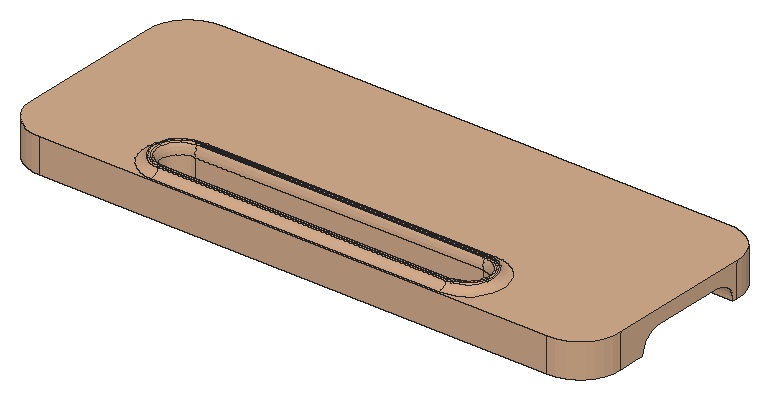
Revit family "Shower-Tray-KOHLER-Choreograph-K-97629", category Specialty Equipment, host Face, Revit 2015
Parameters (values of type "NA - Teak")
  Width = 4 5/8"  # constant formula
  URL = "https://www.us.kohler.com/us/"
  Product Page URL = "http://www.us.kohler.com/us/catalog/productDetails.jsp?productNumber=97629"
  Product Name = "Choreograph"  # constant formula
  Product Documentation Link = "http://www.us.kohler.com/onlinecatalog/pdf/K-97629_spec.pdf"
  Model = "K-97629-NA"  # constant formula
  Material = "Natural Teak Wood"  # constant formula
  MasterFormat 2004 = "10.28.13"  # constant formula
  MasterFormat 1995 = "10820"  # constant formula
  Manufacturer Address = "444 Highland Dr, Kohler, WI 53044"  # constant formula
  Manufacturer = "KOHLER Co."  # constant formula
  Length = 12"  # constant formula
  Height = 11/16"  # constant formula
  Finish = Kohler-Wood-1WN-Corduroy_Teak
  Environmental Product Declaration = ""
  Description = "Shower teak tray"  # constant formula
  Default Elevation = 42"
  Declare Label = ""
  Date Modified = "10/30/2018"  # constant formula
  Date Created = "10/30/2018"  # constant formula
  Copyright = "Copyright KOHLER Co."  # constant formula
  Contact Us = "https://www.us.kohler.com/us/static/contact.jsp"
  Assembly Code = "C1030200"
  ADA Compliant = 1 = 0  # no
Reference planes (in)
  plane 1 "Center (Front/Back)": y = 0
  plane 2: z = 0
  plane 3 "Center (Left/Right)": x = 0
  plane 4: y = 2.3125
  plane 5: y = -2.3125
  plane 6: x = -6
  plane 7: x = 6
  plane 8: z = 0.6875
  plane 9: z = 0.817
  plane 10: z = -0.308
  plane 11: z = 0.31
Dimensions and locks (in)
  "Length": plane 6 to plane 7
  "Width": plane 5 to plane 4
  "Height": plane 8 to level
  locked: plane 9 to plane 10 at 1.125
  aligned and locked: plane 2 to host face
  aligned and locked: level to host face
Automatic sketch dimensions
  host sketch curve to host sketch curve = 96"  (x2)
Nested families (in)
  nested 1: "K-97629" at (0, 0, 0), type "K-97629"
Definition of nested family "K-97629"
  Parameters (values of type "K-97629")
    Material = none
  Reference planes (in)
    plane 1 "Center (Front/Back)": y = 0
    plane 2: z = 0
    plane 3 "Center (Left/Right)": x = 0
    plane 4: x = -6
    plane 5: x = 6
    plane 6: y = 2.3125
    plane 7: y = -2.3125
    plane 8: z = 0.6875
    plane 9: z = -0.308
    plane 10: z = 0.817
    plane 11: z = 0.31
  Forms (in)
    Extrusion 1, solid, material <- "Material", detail levels medium+fine
      sketch origin (0, 0, 0) x (1, 0, 0) y (0, 1, 0)
        loop
          line (5.16875, 2.3125) -> (-5.16875, 2.3125)
          arc (-5.16875, 2.3125) -> (-5.75653, 2.06903) -> (-6, 1.48125) r 0.83125
          line (-6, 1.48125) -> (-6, -1.48125)
          arc (-6, -1.48125) -> (-5.75653, -2.06903) -> (-5.16875, -2.3125) r 0.83125
          line (-5.16875, -2.3125) -> (5.16875, -2.3125)
          arc (5.16875, -2.3125) -> (5.75653, -2.06903) -> (6, -1.48125) r 0.83125
          line (6, -1.48125) -> (6, 1.48125)
          arc (6, 1.48125) -> (5.75653, 2.06903) -> (5.16875, 2.3125) r 0.83125
        loop
          line (-2.9325, -1.9835) -> (2.9325, -1.9835)
          arc (2.9325, -1.9835) -> (3.375, -1.541) -> (2.9325, -1.0985) r 0.4425
          line (2.9325, -1.0985) -> (-2.9325, -1.0985)
          arc (-2.9325, -1.0985) -> (-3.375, -1.541) -> (-2.9325, -1.9835) r 0.4425
      from 0 to 0.692
    Sweep 2, solid, material <- "Material", detail levels medium+fine
      path origin (0, 0, 0) x (1, 0, 0) y (0, 1, 0)
        loop
          arc (2.9325, -1.9835) -> (3.375, -1.541) -> (2.9325, -1.0985) r 0.4425
          line (2.9325, -1.0985) -> (-2.9325, -1.0985)
          arc (-2.9325, -1.0985) -> (-3.375, -1.541) -> (-2.9325, -1.9835) r 0.4425
          line (-2.9325, -1.9835) -> (2.9325, -1.9835)
      profile origin (-3.375, -1.541, 0) x (-1, 0, 0) y (0, 0, 1)
        loop
          line (-0.06764, 0.60238) -> (-0.06764, 0.21607)
          arc (-0.06764, 0.21607) -> (-0.05034, 0.10287) -> (0, 0) r 0.37894
          line (0, 0) -> (0, 0.692) -> (0.28004, 0.692)
          arc (0.28004, 0.692) -> (0.1714, 0.72498) -> (0.08874, 0.8028) r 0.24871
          arc (0.08874, 0.8028) -> (0.0773, 0.81323) -> (0.0623, 0.817) r 0.03172
          line (0.0623, 0.817) -> (0.01837, 0.817)
          arc (0.01837, 0.817) -> (0.00179, 0.81272) -> (-0.01064, 0.80093) r 0.03422
          arc (-0.01064, 0.80093) -> (-0.05311, 0.70567) -> (-0.06764, 0.60238) r 0.37431
    Extrusion 3, solid, material <- "Material", detail levels medium+fine
      sketch origin (0, 0, 0) x (0, 1, 0) y (0, 0, 1)
        loop
          line (-0.92004, 0.125) -> (-1.19512, 0.125) -> (-1.19512, 0) -> (-0.99882, 0)
          arc (-0.99882, 0) -> (-0.95751, -0.0156) -> (-0.93682, -0.05461) r 0.0625
          arc (-0.93682, -0.05461) -> (-0.92528, -0.11216) -> (-0.90568, -0.1675) r 0.4125
          arc (-0.90568, -0.1675) -> (-0.83986, -0.19333) -> (-0.81403, -0.1275) r 0.05
          arc (-0.81403, -0.1275) -> (-0.83353, -0.06635) -> (-0.84012, -0.0025) r 0.3125
          arc (-0.84012, -0.0025) -> (-0.74859, 0.21847) -> (-0.52762, 0.31) r 0.3125
          line (-0.52762, 0.31) -> (0.22238, 0.31) -> (0.97238, 0.31)
          arc (0.97238, 0.31) -> (1.19335, 0.21847) -> (1.28488, -0.0025) r 0.3125
          arc (1.28488, -0.0025) -> (1.26253, -0.11856) -> (1.19867, -0.21802) r 0.3125
          arc (1.19867, -0.21802) -> (1.2004, -0.28871) -> (1.27108, -0.28698) r 0.05
          arc (1.27108, -0.28698) -> (1.34491, -0.17963) -> (1.38157, -0.05461) r 0.4125
          arc (1.38157, -0.05461) -> (1.40226, -0.0156) -> (1.44357, 0) r 0.0625
          line (1.44357, 0) -> (1.63988, 0) -> (1.63988, 0.175) -> (1.34178, 0.175)
          arc (1.34178, 0.175) -> (1.32551, 0.17939) -> (1.31366, 0.19137) r 0.03234
          arc (1.31366, 0.19137) -> (1.16982, 0.33673) -> (0.97238, 0.39) r 0.3925
          line (0.97238, 0.39) -> (-0.52762, 0.39)
          arc (-0.52762, 0.39) -> (-0.74728, 0.32278) -> (-0.8917, 0.14414) r 0.3925
          arc (-0.8917, 0.14414) -> (-0.90294, 0.13023) -> (-0.92004, 0.125) r 0.03056
      from 4.375 to 4.875
    Extrusion 4, solid, material <- "Material", detail levels medium+fine
      sketch origin (0, 0, 0) x (0, 1, 0) y (0, 0, -1)
        loop
          arc (-0.92004, -0.125) -> (-0.90294, -0.13023) -> (-0.8917, -0.14414) r 0.03056
          arc (-0.8917, -0.14414) -> (-0.74728, -0.32278) -> (-0.52762, -0.39) r 0.3925
          line (-0.52762, -0.39) -> (0.97238, -0.39)
          arc (0.97238, -0.39) -> (1.16982, -0.33673) -> (1.31366, -0.19137) r 0.3925
          arc (1.31366, -0.19137) -> (1.32551, -0.17939) -> (1.34178, -0.175) r 0.03234
          line (1.34178, -0.175) -> (1.63988, -0.175) -> (1.63988, 0) -> (1.44357, 0)
          arc (1.44357, 0) -> (1.40226, 0.0156) -> (1.38157, 0.05461) r 0.0625
          arc (1.38157, 0.05461) -> (1.34491, 0.17963) -> (1.27108, 0.28698) r 0.4125
          arc (1.27108, 0.28698) -> (1.2004, 0.28871) -> (1.19867, 0.21802) r 0.05
          arc (1.19867, 0.21802) -> (1.26253, 0.11856) -> (1.28488, 0.0025) r 0.3125
          arc (1.28488, 0.0025) -> (1.19335, -0.21847) -> (0.97238, -0.31) r 0.3125
          line (0.97238, -0.31) -> (0.22238, -0.31) -> (-0.52762, -0.31)
          arc (-0.52762, -0.31) -> (-0.74859, -0.21847) -> (-0.84012, 0.0025) r 0.3125
          arc (-0.84012, 0.0025) -> (-0.83353, 0.06635) -> (-0.81403, 0.1275) r 0.3125
          arc (-0.81403, 0.1275) -> (-0.83986, 0.19333) -> (-0.90568, 0.1675) r 0.05
          arc (-0.90568, 0.1675) -> (-0.92528, 0.11216) -> (-0.93682, 0.05461) r 0.4125
          arc (-0.93682, 0.05461) -> (-0.95751, 0.0156) -> (-0.99882, 0) r 0.0625
          line (-0.99882, 0) -> (-1.19512, 0) -> (-1.19512, -0.125) -> (-0.92004, -0.125)
      from 4.375 to 4.875
    Extrusion 5, void, detail levels medium+fine
      sketch origin (0, 0, 0) x (0, 1, 0) y (0, 0, 1)
        loop
          arc (-0.52762, 0.4) -> (-0.81398, 0.28343) -> (-0.9375, 0) r 0.41
          line (-0.9375, 0) -> (-1.03649, 0) -> (-1.03649, -0.40232) -> (1.48125, -0.40232) -> (1.48125, 0) -> (1.38226, 0)
          arc (1.38226, 0) -> (1.25873, 0.28343) -> (0.97238, 0.4) r 0.41
          line (0.97238, 0.4) -> (-0.52762, 0.4)
      from -6.16629 to 6.16776
    Extrusion 6, solid, material <- "Material", detail levels coarse
      sketch origin (0, 0, 0) x (1, 0, 0) y (0, 1, 0)
        loop
          line (6, -1.48125) -> (6, 1.48125)
          arc (6, 1.48125) -> (5.75653, 2.06903) -> (5.16875, 2.3125) r 0.83125
          line (5.16875, 2.3125) -> (-5.16875, 2.3125)
          arc (-5.16875, 2.3125) -> (-5.75653, 2.06903) -> (-6, 1.48125) r 0.83125
          line (-6, 1.48125) -> (-6, -1.48125)
          arc (-6, -1.48125) -> (-5.75653, -2.06903) -> (-5.16875, -2.3125) r 0.83125
          line (-5.16875, -2.3125) -> (5.16875, -2.3125)
          arc (5.16875, -2.3125) -> (5.75653, -2.06903) -> (6, -1.48125) r 0.83125
      from -0.31109 to 0.81883
  Cuts and joins
    Extrusion 5 cuts Extrusion 1
    joined: Extrusion 1, Sweep 2
    joined: Extrusion 3, Extrusion 4
  Lines and regions (in)
    Masking region 1
      outline origin (0, 0, 0) x (1, 0, 0) y (0, 1, 0)
        loop
          line (5.16875, 2.3125) -> (-5.16875, 2.3125)
          arc (-5.16875, 2.3125) -> (-5.75653, 2.06903) -> (-6, 1.48125) r 0.83125
          line (-6, 1.48125) -> (-6, -1.48125)
          arc (-6, -1.48125) -> (-5.75653, -2.06903) -> (-5.16875, -2.3125) r 0.83125
          line (-5.16875, -2.3125) -> (5.16875, -2.3125)
          arc (5.16875, -2.3125) -> (5.75653, -2.06903) -> (6, -1.48125) r 0.83125
          line (6, -1.48125) -> (6, 1.48125)
          arc (6, 1.48125) -> (5.75653, 2.06903) -> (5.16875, 2.3125) r 0.83125
    Masking region 2
      outline origin (0, 0, 0) x (1, 0, 0) y (0, 0, 1)
        loop
          line (6, 0.6875) -> (3.66278, 0.6875)
          arc (3.66278, 0.6875) -> (3.54294, 0.7263) -> (3.45554, 0.817) r 0.25925
          line (3.45554, 0.817) -> (-3.45554, 0.817)
          arc (-3.45554, 0.817) -> (-3.54294, 0.7263) -> (-3.66278, 0.6875) r 0.25925
          line (-3.66278, 0.6875) -> (-6, 0.6875) -> (-6, 0) -> (-4.875, 0) -> (-4.875, -0.308) -> (-4.375, -0.308) -> (-4.375, 0) -> (4.375, 0) -> (4.375, -0.308) -> (4.875, -0.308) -> (4.875, 0) -> (6, 0) -> (6, 0.6875)
    Masking region 3
      outline origin (0, 0, 0) x (0, 1, 0) y (0, 0, 1)
        loop
          line (2.3125, 0) -> (2.3125, 0.6875) -> (-0.80705, 0.6875)
          arc (-0.80705, 0.6875) -> (-0.92754, 0.72526) -> (-1.0143, 0.817) r 0.25044
          line (-1.0143, 0.817) -> (-2.06734, 0.817)
          arc (-2.06734, 0.817) -> (-2.1541, 0.72526) -> (-2.27459, 0.6875) r 0.25044
          line (-2.27459, 0.6875) -> (-2.3125, 0.6875) -> (-2.3125, 0) -> (-0.99882, 0)
          arc (-0.99882, 0) -> (-0.95751, -0.0156) -> (-0.93682, -0.05461) r 0.0625
          arc (-0.93682, -0.05461) -> (-0.92528, -0.11216) -> (-0.90568, -0.1675) r 0.4125
          arc (-0.90568, -0.1675) -> (-0.83986, -0.19333) -> (-0.81403, -0.1275) r 0.05
          arc (-0.81403, -0.1275) -> (-0.83353, -0.06635) -> (-0.84012, -0.0025) r 0.3125
          arc (-0.84012, -0.0025) -> (-0.74859, 0.21847) -> (-0.52762, 0.31) r 0.3125
          line (-0.52762, 0.31) -> (0.22238, 0.31) -> (0.97238, 0.31)
          arc (0.97238, 0.31) -> (1.19335, 0.21847) -> (1.28488, -0.0025) r 0.3125
          arc (1.28488, -0.0025) -> (1.26247, -0.11871) -> (1.19845, -0.21825) r 0.3125
          arc (1.19845, -0.21825) -> (1.19478, -0.29506) -> (1.27124, -0.28682) r 0.05061
          arc (1.27124, -0.28682) -> (1.34496, -0.17953) -> (1.38157, -0.05461) r 0.4125
          arc (1.38157, -0.05461) -> (1.40226, -0.0156) -> (1.44357, 0) r 0.0625
          line (1.44357, 0) -> (2.3125, 0)
        loop
          arc (-0.91459, 0.12549) -> (-0.90074, 0.13187) -> (-0.8917, 0.14414) r 0.03056
          arc (-0.8917, 0.14414) -> (-0.74728, 0.32278) -> (-0.52762, 0.39) r 0.3925
          line (-0.52762, 0.39) -> (0.97238, 0.39)
          arc (0.97238, 0.39) -> (1.16982, 0.33673) -> (1.31366, 0.19137) r 0.3925
          arc (1.31366, 0.19137) -> (1.3244, 0.18006) -> (1.33919, 0.1751) r 0.03234
          arc (1.33919, 0.1751) -> (1.18807, 0.33928) -> (0.97335, 0.4) r 0.41
          line (0.97335, 0.4) -> (-0.52762, 0.4)
          arc (-0.52762, 0.4) -> (-0.76484, 0.3244) -> (-0.91459, 0.12549) r 0.41
    symbolic lines, detail levels medium+fine
      curve 1: arc (2.9325, -0.81846, 0) -> (3.65504, -1.541, 0) -> (2.9325, -2.26354, 0) r 0.72254
      curve 2: line (2.9325, -2.26354, 0) -> (-2.9325, -2.26354, 0)
      curve 3: arc (-2.9325, -2.26354, 0) -> (-3.65504, -1.541, 0) -> (-2.9325, -0.81846, 0) r 0.72254
      curve 4: line (-2.9325, -0.81846, 0) -> (2.9325, -0.81846, 0)
      curve 5: line (-2.9325, -1.9835, 0) -> (2.9325, -1.9835, 0)
      curve 6: arc (2.9325, -1.9835, 0) -> (3.375, -1.541, 0) -> (2.9325, -1.0985, 0) r 0.4425
      curve 7: line (2.9325, -1.0985, 0) -> (-2.9325, -1.0985, 0)
      curve 8: arc (-2.9325, -1.0985, 0) -> (-3.375, -1.541, 0) -> (-2.9325, -1.9835, 0) r 0.4425
      curve 9: line (-3.66278, 0, 0.6875) -> (3.66278, 0, 0.6875)
      curve 10: line (-4.875, 0, 0) -> (-4.375, 0, 0)
      curve 11: line (4.875, 0, 0) -> (4.375, 0, 0)
      curve 12: line (-4.875, 0, -0.1975) -> (-4.375, 0, -0.1975)
      curve 13: line (4.375, 0, -0.1975) -> (4.875, 0, -0.1975)
      curve 14: line (0, -0.80705, 0.6875) -> (0, -2.27459, 0.6875)
      curve 15: line (0, 1.44357, 0) -> (0, 1.38226, 0)
      curve 16: arc (0, 1.38226, 0) -> (0, 1.37004, 0.08984) -> (0, 1.33919, 0.1751) r 0.42841
      curve 17: line (0, -0.99882, 0) -> (0, -0.9375, 0)
      curve 18: arc (0, -0.91459, 0.12549) -> (0, -0.93095, 0.06364) -> (0, -0.9375, 0) r 0.41
  Dimensions and locks (in)
    aligned and locked: plane 2 to level
